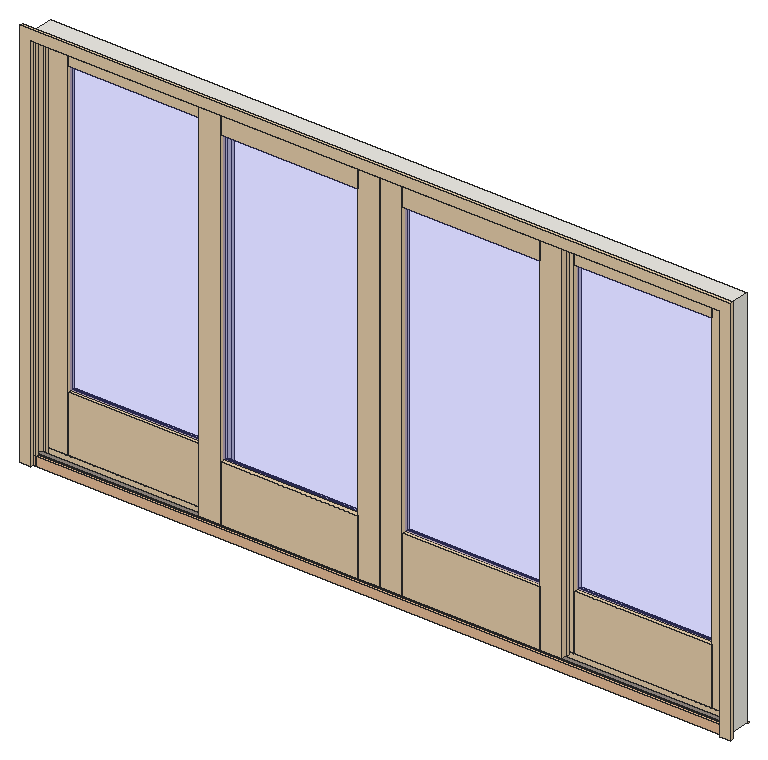
Revit family "Door-Gliding-Andersen-E_Series-Quad", category Doors, host Wall, Revit 2019
Family settings
  Host = Wall
  OmniClass Number = 23.30.10.00
  OmniClass Title = Doors
  Always vertical = Yes
  Cut with Voids When Loaded = No
  Shared = No
  Room Calculation Point = No
Parameters (values of type "12'-4" x 6'-10"")
  Type Comments = "Aluminum-clad wood Gliding French Door"  # constant formula
  Rough Width = Width + (Rough Opening Offset * 2)  # 12' - 4 1/2"
  Rough Opening Offset = 0' - 0 1/4"
  Rough Height = if(1 > 0, Height + 0' 0 1/2", 0' 0")  # 6' - 10 1/2"
  Masonry Width = if(Enter Exterior Trim Number > 0, Width + ((casing4 + Masonry Opening Offset) * 2), Width + (Masonry Opening Offset * 2))  # 12' - 4 1/2"
  Masonry Opening Offset = 0' - 0 1/4"
  Masonry Height = if(Enter Exterior Trim Number > 0, Height + (casing4 + 0' 0 1/2"), Height + 0' 0 1/2")  # 6' - 10 1/2"
  Learn About These Parameters = "http://www.andersenwindows.com/for-professionals/cad-symbols-bim-support-window-doors/bim-support"
  LWide = if(or(Enter Pattern Number = 1, Enter Pattern Number = 2), . . Lights Wide, if(Enter Pattern Number = 6, . . .Lights Wide, 3))  # 1
  Grille Bar Sizes = "5/8'', 7/8'', 1 1/8'', 1 1/2'', 2 1/4''"  # constant formula
  Glazing Material = Glass ‐ Andersen - Low-E4 SmartSun
  Between Glass Grille Bar Sizes = "5/8'', 1''"  # constant formula
  Interior Trim Visibility = yes
  Grille Bar Size = 0' - 0 7/8"
  Enter Pattern Number = 1
  Analytic Construction = "<None>"
  ..Pattern Number 1 = "Traditional"  # constant formula
  ..Pattern Number 2 = "Traditional Top Light Only"  # constant formula
  . . Lights Wide = 1
  . . Top Light Lights High = 1
  . . Bottom Light Lights High = 1
  ..Pattern Number 3 = "Prairie Each Light"  # constant formula
  ..Pattern Number 4 = "Prairie Top Light Only"  # constant formula
  ..Pattern Number 5 = "Prairie Overall"  # constant formula
  ..Pattern Number 6 = "Craftsman"  # constant formula
  . . .Lights Wide = 3
  Extension Jamb Visibility = yes
  . . .Lights High = 1
  . . .Bottom Bar Location = 1' - 0"
  . . .Bottom Bar Size = 0' - 0 7/8"
  Enter Exterior Trim Number = 0
  ..Exterior Trim Number 0 = "No Exterior Trim"  # constant formula
  ..Exterior Trim Number 1 = "2'' Brick Mould (A753)"  # constant formula
  ..Exterior Trim Number 2 = "2'' Ovolo Brick Mould (A754)"  # constant formula
  ..Exterior Trim Number 3 = "3 1/2'' Brick Mould (A755)"  # constant formula
  ..Exterior Trim Number 4 = "3 1/2'' Backband & Bead Casing (A756)"  # constant formula
  ..Exterior Trim Number 5 = "3 1/2'' Flat Casing (A75B)"  # constant formula
  ..Exterior Trim Number 6 = "5 1/2'' Flat Casing (A758)"  # constant formula
  Interior Grille Bar Visibility = yes
  Exterior Grille Bar Visibility = yes
  Between Glass Grille Bar Visibility = yes
  xjamb Visibility [instance] = and(Extension Jamb Visibility, Wall Depth > 0' 4 9/16")  # no
  xjamb S1 [instance] = if(Wall Depth < 0' 4 5/8", 0' 0 1/16", 0' 0")  # 0' - 0 1/16"
  casingS2 = if(Enter Exterior Trim Number = 3, 0' 0 7/8", 0' 0 3/8")  # 0' - 0 3/8"
  casingS1 = if(Enter Exterior Trim Number = 1, 0' 0 5/8", if(or(Enter Exterior Trim Number = 2, Enter Exterior Trim Number = 3), 0' 1 1/2", 0' 0 3/8"))  # 0' - 0 3/8"
  casing4 = if(or(Enter Exterior Trim Number = 1, Enter Exterior Trim Number = 2), 0' 1 5/8", if(Enter Exterior Trim Number = 6, 0' 5 1/8", 0' 3 1/8"))  # 0' - 3 1/8"
  casing3 = if(Enter Exterior Trim Number = 1, 0' 0 3/8", if(Enter Exterior Trim Number = 2, 0' 0 5/16", 0' 0 9/16"))  # 0' - 0 9/16"
  casing2 = if(Enter Exterior Trim Number = 1, 0' 0 7/8", if(Enter Exterior Trim Number = 2, 0' 1 9/16", 0' 1 7/16"))  # 0' - 1 7/16"
  casing1 = 0' - 0 1/4"  # constant formula
  Wall Thickness [instance] = 0' - 8"
  Wall Depth [instance] = 0' - 4 9/16"
  Void Offset 1 [instance] = if(Enter Exterior Trim Number > 0, casing4, 0' 0")  # 0' - 0"
  Void Depth [instance] = if(Wall Thickness > Wall Depth, 0' 1" + Wall Thickness - Wall Depth, 0' 1")  # 0' - 4 7/16"
  VGB DLO = if(or(Enter Pattern Number = 3, or(Enter Pattern Number = 4, Enter Pattern Number = 5)), 0' 4", (H DLO - (Grille Bar Size * (V Bars))) / if(LWide > 2, LWide, 3))  # 3' - 8 3/4"
  V Bars = if(LWide > 2, LWide - 1, 2)  # 2
  URL = "www.eaglewindow.com"
  TS V DLO = Height - HGO - SGO  # 5' - 10"
  TS V Bar Length = if(Enter Pattern Number = 6, . . .Bottom Bar Location - HGO - (. . .Bottom Bar Size / 2), TS V DLO)  # 5' - 10"
  TS SH DLO = if(Enter Pattern Number = 5, HGO + 0' 4" + (Grille Bar Size / 2), if(Enter Pattern Number = 6, . . .Bottom Bar Location, (TS V DLO / 2) + HGO))  # 3' - 5"
  TS S V = LWide = 2  # no
  TS S H Craftsman = and(Enter Pattern Number = 6, . . .Lights High = 2)  # no
  TS S H = and(. . Top Light Lights High = 2, or(or(or(Enter Pattern Number = 5, Enter Pattern Number = 6), Enter Pattern Number = 1), Enter Pattern Number = 2))  # no
  TS M V = or(or(or(or(or(and(LWide > 2, Enter Pattern Number = 1), and(LWide > 2, Enter Pattern Number = 2)), Enter Pattern Number = 3), Enter Pattern Number = 4), Enter Pattern Number = 5), and(LWide > 2, Enter Pattern Number = 6))  # no
  TS M H = or(or(or(and(. . Top Light Lights High > 2, Enter Pattern Number = 1), and(. . Top Light Lights High > 2, Enter Pattern Number = 2), Enter Pattern Number = 3), Enter Pattern Number = 4), and(. . .Lights High > 2, Enter Pattern Number = 6))  # no
  TS HGB DLO = if(or(Enter Pattern Number = 3, Enter Pattern Number = 4), 0' 4", if(and(Enter Pattern Number = 6, . . .Lights High > 2), (TS V Bar Length - (Grille Bar Size * (. . .Lights High - 1))) / . . .Lights High, if(. . Top Light Lights High > 2, (TS V Bar Length - (Grille Bar Size * (. . Top Light Lights High - 1))) / . . Top Light Lights High, 0' 4")))  # 0' - 4"
  TS H Bars = if(or(Enter Pattern Number = 3, Enter Pattern Number = 4), 2, if(and(Enter Pattern Number = 6, . . .Lights High > 2), . . .Lights High - 1, if(. . Top Light Lights High > 2, . . Top Light Lights High - 1, 2)))  # 2
  Sill Interior Offset [instance] = 0' - 0 5/128"  # constant formula
  Sill Height [instance] = 0' - 1 7/8"  # constant formula
  Panel Bottom Inset [instance] = 0' - 2 5/32"  # constant formula
  Sill Depth [instance] = 0' - 6 1/16"  # constant formula
  SGO = 0' - 6"  # constant formula
  Product Documentation Link = "www.eaglewindow.com/_Products/Ascent-Sliding-French-Doors.aspx"
  Panel Width = ((Width / 4) - 0' 1 3/4") + 0' 3 3/8"  # 3' - 2 5/8"
  Panel Type [instance] = Gliding_Panel : SP2
  Panel Height [instance] = CTRL Height - 0' 0 31/32" - Panel Bottom Inset  # 6' - 6 7/8"
  Nail Fin Visibility = Enter Exterior Trim Number = 0  # yes
  Model = "E-Series Gliding"  # constant formula
  Manufacturer = "Andersen Corporation"  # constant formula
  JGO = 0' - 6"  # constant formula
  Is Gliding = 1 = 1  # yes
  Interior Trim Size = 0' - 2 1/4"
  Interior Material = Wood - Andersen - Pine
  Horizontal Craftsman Bar Size = if(Enter Pattern Number = 6, . . .Bottom Bar Size, Grille Bar Size)  # 0' - 0 7/8"
  HGO = 0' - 6"  # constant formula
  H DLO = Width - (JGO * 2)  # 11' - 4"
  Function = 1
  Height = 6' - 10"
  Wall Closure = (empty or 0)
  Width = 12' - 4"
  Frame Interior Inset [instance] = 0' - 0"  # constant formula
  Frame Depth [instance] = 0' - 5 29/32"  # constant formula
  Family Version = "06.01.14"  # constant formula
  Exterior Trim Finish = Aluminum - Andersen - Painted - White
  Exterior Panel Finish = Aluminum - Andersen - Painted - White
  Exterior Grille Bar Finish = Aluminum - Andersen - Painted - White
  Exterior Frame Finish = Aluminum - Andersen - Painted - White
  Designation = "4PGP120610"
  Description = "Aluminum-clad wood Gliding French Door"  # constant formula
  Coarse Plan [instance] = if(Wall Depth > Wall Thickness, Wall Thickness, Wall Depth)  # 0' - 4 9/16"
  Casing Visibility [instance] = Enter Exterior Trim Number > 0  # no
  CTRL Height [instance] = Height  # 6' - 10"
  Between Glass Grille Bar Finish = Stainless Steel - Andersen - Standard
  BS V DLO = Height - HGO - SGO  # 5' - 10"
  BS SH DLO = if(Enter Pattern Number = 5, SGO + 0' 4" + (Grille Bar Size / 2), (BS V DLO / 2) + SGO)  # 3' - 5"
  BS S V = and(LWide = 2, Enter Pattern Number = 1)  # no
  BS S H = or(and(. . Bottom Light Lights High = 2, Enter Pattern Number = 1), Enter Pattern Number = 5)  # no
  BS M V = or(or(and(LWide > 2, Enter Pattern Number = 1), Enter Pattern Number = 3), Enter Pattern Number = 5)  # no
  BS M H = or(and(. . Bottom Light Lights High > 2, Enter Pattern Number = 1), Enter Pattern Number = 3)  # no
  BS HGB DLO = if(. . Bottom Light Lights High > 2, if(Enter Pattern Number = 3, 0' 4", (BS V DLO - (Grille Bar Size * (. . Bottom Light Lights High - 1))) / . . Bottom Light Lights High), 0' 2")  # 0' - 2"
  BS H Bars = if(. . Bottom Light Lights High > 2, . . Bottom Light Lights High - 1, 2)  # 2
Reference planes (in)
  plane 1 "Center (Front/Back)": y = 0
  plane 2 "Center (Left/Right)": x = 0
  plane 3 "R Frame": x = -74
  plane 4 "L Frame": x = 74
  plane 5 "T Frame": z = 82
  plane 6 "Wall S1": y = 3.71875
  plane 7 "Wall S2": y = -4.28125
  plane 8 "Interior Casing": y = -4.90625
  plane 9 "Frame S2": y = -4.28125
  plane 10 "Flange": y = 0.28125
  plane 11 "Frame S1": y = 1.625
  plane 12 "Casing S2": y = 2
  plane 13 "Casing S1": y = 2
  plane 14 "Exterior Offset": y = 4.71875
  plane 15 "Coarse Detail Plan": y = 1.5625
  plane 16 "R Rough Opening": x = -74.25
  plane 17 "R Casing 1": x = -73.75
  plane 18 "R Casing 2": x = -75.6875
  plane 19 "R Casing 3": x = -76.5625
  plane 20 "R Casing 4": x = -77.125
  plane 21 "R Masonry Opening": x = -74.25
  plane 22 "L Masonry Opening": x = 74.25
  plane 23 "L Casing 4": x = 77.125
  plane 24 "L Casing 3": x = 76.5625
  plane 25 "L Casing 2": x = 75.6875
  plane 26 "L Casing 1": x = 73.75
  plane 27 "L Rough Opening": x = 74.25
  plane 28 "T Rough Opening": z = 82.5
  plane 29 "T Casing 1": z = 81.75
  plane 30 "T Casing 2": z = 83.6875
  plane 31 "T Casing 3": z = 84.5625
  plane 32 "T Casing 4": z = 85.125
  plane 33 "T Masonry Opening": z = 82.5
  plane 34 "R Int Casing": x = -75.5
  plane 35 "R Xjamb 2": x = -73.875
  plane 36 "R Xjamb 1": x = -73.25
  plane 37 "L Int Casing": x = 75.5
  plane 38 "L Xjamb 2": x = 73.875
  plane 39 "L Xjamb 1": x = 73.25
  plane 40 "T Int Casing": z = 83.25
  plane 41 "T Xjamb 2": z = 81.875
  plane 42 "T Xjamb 1": z = 81
  plane 43 "L Panel": x = 73.1872
  plane 44 "R Panel": x = -73.1875
  plane 45 "T Panel": z = 81.0312
  plane 46 "B Panel": z = 2.1562
  plane 47 "B Glazing": z = 10.1562
  plane 48 "T Glazing": z = 76.3437
  plane 49 "L Glazing": x = 68.4997
  plane 50 "R Glazing": x = -68.5
  plane 51 "Panel1 S1": y = -1.88625
  plane 52 "Panel1 S2": y = -3.63625
  plane 53 "Xjamb S1": y = -4.21875
  plane 54 "Frame S2 Ext": y = 1.625
  plane 55 "Stop Exterior": y = -1.20413
  plane 56 "Stop Interior": y = -1.71975
  plane 57 "Sill Interior": y = -4.32031
  plane 58 "Sill Exterior": y = 1.74219
  plane 59 "L Stop": x = 72.5
  plane 60 "R Stop": x = -72.5
  plane 61 "T Stop": z = 80.5
  plane 62 "Sill Height": z = 1.875
  plane 63 "Panel2 S1": y = 0.625
  plane 64 "Panel2 S2": y = -1.1355
  plane 65 "R Panel Width": x = -34.5625
  plane 66 "L Panel Width": x = 34.5622
Forms (in)
  Extrusion 1, void
    sketch origin (0, 0, 0) x (1, 0, 0) y (0, 0, 1)
      loop
        line (74, 82) -> (-74, 82) -> (-74, 0) -> (74, 0) -> (74, 82)
    from -0.28125 to 4.28125
  Extrusion 2, void
    sketch origin (0, 0, 0) x (1, 0, 0) y (0, 0, 1)
      loop
        line (74, 82) -> (-74, 82) -> (-74, 0) -> (74, 0) -> (74, 82)
    from -15.71875 to -0.28125
  Sweep 3, solid, material "Aluminum - Andersen - Painted - White" <- "Exterior Trim Finish", visible <- "Casing Visibility", detail levels medium+fine
    path origin (0, 0.28125, 0) x (-1, 0, 0) y (0, 0, 1)
      loop
        line (-77.125, 0) -> (-77.125, 85.125) -> (77.125, 85.125) -> (77.125, 0)
    profile origin (77.125, 0.28125, 42.5625) x (1, 0, 0) y (0, 1, 0)
      loop
        line (-1.4375, 1.71875) -> (-3.375, 1.71875) -> (-3.375, 0) -> (0, 0) -> (0, 1.71875) -> (-0.5625, 1.71875) -> (-1.4375, 1.71875)
  Extrusion 4, solid, material "Aluminum - Andersen - Painted - White" <- "Exterior Trim Finish", visible <- "Casing Visibility", detail levels coarse
    sketch origin (0, 0.28125, 0) x (-1, 0, 0) y (0, 0, 1)
      loop
        line (-73.75, 81.75) -> (73.75, 81.75) -> (73.75, 0) -> (77.125, 0) -> (77.125, 85.125) -> (-77.125, 85.125) -> (-77.125, 0) -> (-73.75, 0) -> (-73.75, 81.75)
    from 0 to 1.71875
  Extrusion 5, solid, material "Wood - Andersen - Pine" <- "Interior Material", visible <- "Interior Trim Visibility", detail levels fine
    sketch origin (0, 0, 0) x (1, 0, 0) y (0, 0, 1)
      loop
        line (-73.25, 81) -> (73.25, 81) -> (73.25, 0) -> (75.5, 0) -> (75.5, 83.25) -> (-75.5, 83.25) -> (-75.5, 0) -> (-73.25, 0) -> (-73.25, 81)
    from 4.28125 to 4.90625
  Extrusion 6, solid, material "Wood - Andersen - Pine" <- "Interior Material", visible <- "xjamb Visibility", detail levels medium+fine
    sketch origin (0, 0, 0) x (1, 0, 0) y (0, 0, 1)
      loop
        line (-73.875, 0) -> (-73.25, 0) -> (-73.25, 81) -> (73.25, 81) -> (73.25, 0) -> (73.875, 0) -> (73.875, 81.875) -> (-73.875, 81.875) -> (-73.875, 0)
    from 4.21875 to 4.28125
  Sweep 7, solid, material "Aluminum - Andersen - Painted - White" <- "Exterior Frame Finish", detail levels medium+fine
    path origin (0, 0.28125, 0) x (-1, 0, 0) y (0, 0, 1)
      loop
        line (-74, 0) -> (-74, 82) -> (74, 82) -> (74, 0)
    profile origin (74, 0.28125, 41) x (1, 0, 0) y (0, 1, 0)
      loop
        line (0, -4.5625) -> (0, 1.13341) -> (-0.41612, 1.34375) -> (-1.5, 1.34375) -> (-1.5, 0.35575) -> (-0.75, 0.35575) -> (-0.75, -1.48538) -> (-1.375, -1.48538) -> (-1.375, -2.001) -> (-0.75, -2.001) -> (-0.75, -4.0625) -> (-1.313, -4.0625) -> (-1.313, -4.5625) -> (0, -4.5625)
  Sweep 8, solid, material "Aluminum - Andersen - Painted - White" <- "Exterior Frame Finish", detail levels coarse
    path origin (-0.30351, 0.28125, 0) x (-1, 0, 0) y (0, 0, 1)
      loop
        line (-74.30351, 0) -> (-74.30351, 82) -> (73.69649, 82) -> (73.69649, 0)
    profile origin (74, 0.28125, 41) x (1, 0, 0) y (0, 1, 0)
      loop
        line (-0.75, -4.5625) -> (0, -4.5625) -> (0, 1.34375) -> (-0.75, 1.34375) -> (-0.75, -4.5625)
  Sweep 9, solid, material "Fiberglass - Andersen - Terratone", detail levels medium+fine
    path origin (0, 0.28125, 0) x (-1, 0, 0) y (0, 0, 1)
      loop
        line (-74, 0) -> (74, 0)
    profile origin (0, 0.28125, 0) x (0, 0, 1) y (0, 1, 0)
      loop
        line (0, -4.60156) -> (1.875, -4.60156) -> (1.875, -3.94709) -> (2.00898, -3.94709) -> (1.91719, -2.63442) -> (0.63229, -2.63442) -> (0.54751, -1.41675) -> (0.42251, -1.41675) -> (0.29543, 0.40833) -> (0.15625, 0.40833) -> (0.09649, 1.46094) -> (0, 1.46094) -> (0, -4.60156)
  Sweep 10, solid, material "Fiberglass - Andersen - Terratone", detail levels coarse
    path origin (0, 0.28125, 0) x (-1, 0, 0) y (0, 0, 1)
      loop
        line (-73.25, 2.1562) -> (73.25, 2.1562)
    profile origin (0, 0.28125, 2.1562) x (0, 0, 1) y (0, 1, 0)
      loop
        line (0, 1.46094) -> (-2.1562, 1.46094) -> (-2.1562, -4.60156) -> (0, -4.60156) -> (0, 1.46094)
  Sweep 11, void
    path origin (0, 0.28125, 0) x (-1, 0, 0) y (0, 0, 1)
      loop
        line (0, 0) -> (0, 2.1562)
    profile origin (0, 0.28125, 1.0781) x (1, 0, 0) y (0, 1, 0)
      loop
        line (72.687, -4.0625) -> (72.687, -4.5625) -> (74, -4.5625) -> (74, 1.34375) -> (72.5, 1.34375) -> (72.5, 0.35575) -> (73.25, 0.35575) -> (73.25, -1.48538) -> (72.625, -1.48538) -> (72.625, -2.001) -> (73.25, -2.001) -> (73.25, -4.0625) -> (72.687, -4.0625)
      loop
        line (-72.687, -4.0625) -> (-73.25, -4.0625) -> (-73.25, -2.001) -> (-72.625, -2.001) -> (-72.625, -1.48538) -> (-73.25, -1.48538) -> (-73.25, 0.35575) -> (-72.5, 0.35575) -> (-72.5, 1.34375) -> (-74, 1.34375) -> (-74, -4.5625) -> (-72.687, -4.5625) -> (-72.687, -4.0625)
  Sweep 12, solid, material "Aluminum - Andersen - Painted - White" <- "Exterior Frame Finish", detail levels medium+fine
    path origin (0.97958, 0.28125, -3.29495) x (-1, 0, 0) y (0, 0, 1)
      loop
        line (35.54208, 5.45115) -> (74.16708, 5.45115)
    profile origin (-53.875, 0.28125, 2.1562) x (0, 0, 1) y (0, 1, 0)
      loop
        line (-1.73369, -1.41675) -> (0, -1.41675) -> (0, 0.34375) -> (-1.85627, 0.34375) -> (-1.73369, -1.41675)
  Sweep 13, solid, material "Aluminum - Andersen - Painted - White" <- "Exterior Frame Finish", detail levels medium+fine
    path origin (-0.98038, 0.28125, -3.29495) x (1, 0, 0) y (0, 0, 1)
      loop
        line (35.54258, 5.45115) -> (74.16758, 5.45115)
    profile origin (53.8747, 0.28125, 2.1562) x (0, 0, -1) y (0, 1, 0)
      loop
        line (1.73369, -1.41675) -> (1.85627, 0.34375) -> (0, 0.34375) -> (0, -1.41675) -> (1.73369, -1.41675)
Cuts and joins
  Sweep 11 cuts Sweep 9
Lines and regions (in)
  Masking region 1, visible <- "Casing Visibility"
    outline origin (0, 0, 0) x (0, 1, 0) y (0, 0, 1)
      loop
        line (0.28125, 82) -> (1.625, 82) -> (1.625, 0) -> (2, 0) -> (2, 85.125) -> (0.28125, 85.125) -> (0.28125, 82)
  Masking region 2
    outline origin (0, 0, 0) x (1, 0, 0) y (0, 1, 0)
      loop
        line (-74, 1.74219) -> (-74, -4.32031) -> (74, -4.32031) -> (74, 1.74219) -> (-74, 1.74219)
  Masking region 3
    outline origin (0, 0, 0) x (0, 1, 0) y (0, 0, 1)
      loop
        line (1.625, 82) -> (-4.28125, 82) -> (-4.28125, 0) -> (1.625, 0) -> (1.625, 82)
  Masking region 4, visible <- "Casing Visibility", detail levels fine
    outline origin (0, 0, 0) x (1, 0, 0) y (0, 1, 0)
      loop
        line (-76.5625, 2) -> (-77.125, 2) -> (-77.125, 0.28125) -> (-74, 0.28125) -> (-74, 1.625) -> (-73.75, 1.625) -> (-73.75, 2) -> (-75.6875, 2) -> (-76.5625, 2)
  Masking region 5, visible <- "Casing Visibility", detail levels fine
    outline origin (0, 0, 0) x (1, 0, 0) y (0, 1, 0)
      loop
        line (76.5625, 2) -> (75.6875, 2) -> (73.75, 2) -> (73.75, 1.625) -> (74, 1.625) -> (74, 0.28125) -> (77.125, 0.28125) -> (77.125, 2) -> (76.5625, 2)
  Masking region 6, visible <- "Casing Visibility", detail levels coarse+medium
    outline origin (0, 0, 0) x (1, 0, 0) y (0, 1, 0)
      loop
        line (-77.125, 2) -> (-77.125, 0.28125) -> (-74, 0.28125) -> (-74, 2) -> (-77.125, 2)
  Masking region 7, visible <- "Casing Visibility", detail levels coarse+medium
    outline origin (0, 0, 0) x (1, 0, 0) y (0, 1, 0)
      loop
        line (74, 2) -> (74, 0.28125) -> (77.125, 0.28125) -> (77.125, 2) -> (74, 2)
  Masking region 8, visible <- "Casing Visibility"
    outline origin (0, 1.74219, 0) x (-1, 0, 0) y (0, 0, 1)
      loop
        line (-77.125, 85.125) -> (-77.125, 0) -> (-74, 0) -> (-74, 82) -> (74, 82) -> (74, 0) -> (77.125, 0) -> (77.125, 85.125) -> (-77.125, 85.125)
  Masking region 9, visible <- "Interior Trim Visibility", detail levels fine
    outline origin (0, -4.90625, 0) x (-1, 0, 0) y (0, 0, 1)
      loop
        line (-75.5, 83.25) -> (-75.5, 0) -> (-73.25, 0) -> (-73.25, 81) -> (73.25, 81) -> (73.25, 0) -> (75.5, 0) -> (75.5, 83.25) -> (-75.5, 83.25)
  Masking region 10
    outline origin (0, -4.32031, 0) x (-1, 0, 0) y (0, 0, 1)
      loop
        line (-74, 82) -> (-74, 0) -> (74, 0) -> (74, 82) -> (-74, 82)
      loop
        line (-72.5, 80.5) -> (-72.5, 2.1562) -> (72.5, 2.1562) -> (72.5, 80.5) -> (-72.5, 80.5)
  Split face 1
    outline origin (-34.5625, 0.28125, 2.1562) x (0, 0, -1) y (0, 1, 0)
      loop
        line (0, -0.03125) -> (1.83234, -0.03125)
  Masking region 11
    outline origin (0, 1.74219, 0) x (-1, 0, 0) y (0, 0, 1)
      loop
        line (74, 82) -> (-74, 82) -> (-74, 0) -> (74, 0) -> (74, 82)
      loop
        line (72.5, 80.5) -> (-72.5, 80.5) -> (-72.5, 2.1562) -> (72.5, 2.1562) -> (72.5, 80.5)
  Split face 2
    outline origin (34.5622, 0.28125, 2.1562) x (0, 0, 1) y (0, 1, 0)
      loop
        line (0, -0.03125) -> (-1.83234, -0.03125)
  Split face 3
    outline origin (73.25, 1.74219, 2.1562) x (-1, 0, 0) y (0, -1, 0)
      loop
        line (0, 5.37844) -> (146.5, 5.37844)
  Split face 4
    outline origin (73.25, 0.28125, 2.1562) x (0, 0, -1) y (0, 1, 0)
      loop
        line (0, -3.9175) -> (2.1562, -3.9175)
  Split face 5
    outline origin (-73.25, 0.28125, 2.1562) x (0, 1, 0) y (0, 0, -1)
      loop
        line (-3.9175, 0) -> (-3.9175, 2.1562)
  Split face 6
    outline origin (73.25, -4.32031, 0) x (0, 1, 0) y (-1, 0, 0)
      loop
        line (0.68406, 146.5) -> (0.68406, 0)
  Split face 7
    outline origin (73.25, -4.28125, 0) x (0, 0, 1) y (0, 1, 0)
      loop
        line (0, 3.14575) -> (81.25, 3.14575)
  Split face 8
    outline origin (-73.25, -4.28125, 81.25) x (0, 0, -1) y (0, 1, 0)
      loop
        line (81.25, 3.14575) -> (0, 3.14575)
  Split face 9
    outline origin (73.25, -4.28125, 81.25) x (0, 1, 0) y (-1, 0, 0)
      loop
        line (3.14575, 0) -> (3.14575, 38.6878) -> (0.645, 38.6878) -> (0.645, 107.8125) -> (3.14575, 107.8125) -> (3.14575, 146.5)
  Split face 10
    outline origin (-74, 1.625, 82) x (0, 0, -1) y (0, -1, 0)
      loop
        line (82, 2.7605) -> (0, 2.7605)
  Split face 11
    outline origin (74, 1.625, 82) x (-1, 0, 0) y (0, -1, 0)
      loop
        line (148, 2.7605) -> (0, 2.7605)
  Split face 12
    outline origin (74, 1.625, 0) x (0, 0, 1) y (0, -1, 0)
      loop
        line (82, 2.7605) -> (0, 2.7605)
  Split face 13
    outline origin (-74, 1.41466, 82) x (0, 0, -1) y (0, -1, 0)
      loop
        line (82, 2.55016) -> (0, 2.55016)
  Split face 14
    outline origin (74, 1.41466, 82) x (-1, 0, 0) y (0, -1, 0)
      loop
        line (148, 2.55016) -> (0, 2.55016)
  Split face 15
    outline origin (74, 1.41466, 0) x (0, 0, 1) y (0, -1, 0)
      loop
        line (82, 2.55016) -> (0, 2.55016)
  Masking region 12, visible <- "xjamb Visibility", detail levels medium+fine
    outline origin (0, 0, 0) x (1, 0, 0) y (0, 1, 0)
      loop
        line (-73.875, -4.21875) -> (-73.875, -4.28125) -> (-73.25, -4.28125) -> (-73.25, -4.21875) -> (-73.875, -4.21875)
  Masking region 13, visible <- "Interior Trim Visibility", detail levels fine
    outline origin (0, 0, 0) x (1, 0, 0) y (0, 1, 0)
      loop
        line (-75.5, -4.28125) -> (-75.5, -4.90625) -> (-73.25, -4.90625) -> (-73.25, -4.28125) -> (-75.5, -4.28125)
  Masking region 14, visible <- "xjamb Visibility", detail levels medium+fine
    outline origin (0, 0, 0) x (1, 0, 0) y (0, 1, 0)
      loop
        line (73.25, -4.21875) -> (73.25, -4.28125) -> (73.875, -4.28125) -> (73.875, -4.21875) -> (73.25, -4.21875)
  Masking region 15, visible <- "Interior Trim Visibility", detail levels fine
    outline origin (0, 0, 0) x (1, 0, 0) y (0, 1, 0)
      loop
        line (73.25, -4.28125) -> (73.25, -4.90625) -> (75.5, -4.90625) -> (75.5, -4.28125) -> (73.25, -4.28125)
  Masking region 16, visible <- "xjamb Visibility", detail levels medium+fine
    outline origin (0, 0, 0) x (0, 1, 0) y (0, 0, 1)
      loop
        line (-4.21875, 81.875) -> (-4.28125, 81.875) -> (-4.28125, 0) -> (-4.21875, 0) -> (-4.21875, 81.875)
  Masking region 17, visible <- "Interior Trim Visibility", detail levels fine
    outline origin (0, 0, 0) x (0, 1, 0) y (0, 0, 1)
      loop
        line (-4.28125, 83.25) -> (-4.90625, 83.25) -> (-4.90625, 0) -> (-4.28125, 0) -> (-4.28125, 83.25)
  symbolic lines, style "DoorsFrameMullionProjection", visible <- "Casing Visibility", detail levels medium+fine
    curve 1: line (0, 2, 84.5625) -> (0, 2, 83.6875)
    curve 2: line (0, 2, 83.6875) -> (0, 2, 81.75)
    curve 3: line (0, 2, 81.75) -> (0, 1.625, 81.75)
    curve 5: line (75.625, 0.28125, 2.1562) -> (78.75, 0.28125, 2.1562)
    curve 6: line (-75.625, 0.28125, 2.1562) -> (-78.75, 0.28125, 2.1562)
    curve 117: line (0, 0.28125, 86.75) -> (0, 0.28125, 85.125)
  symbolic lines, style "DoorsFrameMullionProjection", detail levels coarse
    curve 4: line (0, 1.625, 82) -> (0, 2, 82)
    curve 7: line (73.25, 1.625, 2.1562) -> (73.25, -4.28125, 2.1562)
    curve 8: line (0, 1.74219, 0) -> (0, 1.74219, 2.1562)
    curve 9: line (0, 1.74219, 2.1562) -> (0, -4.32031, 2.1562)
    curve 10: line (0, -4.32031, 2.1562) -> (0, -4.32031, 0)
    curve 11: line (0, -4.21875, 81) -> (0, 1.625, 81)
    curve 33: line (-74, 1.625, 2.1562) -> (-73.25, 1.625, 2.1562)
    curve 96: line (-73.25, 1.625, 2.1562) -> (-73.25, -4.28125, 2.1562)
    curve 121: line (73.25, 1.625, 2.1562) -> (74, 1.625, 2.1562)
  symbolic lines, style "DoorsFrameMullionProjection", detail levels medium+fine
    curve 12: line (-73.625, -4.28125, 2.1562) -> (-74, -4.28125, 2.1562)
    curve 15: line (-72.5, 1.625, 0.8125) -> (-72.5, 0.637, 0.8125)
    curve 16: line (-72.5, 0.637, 0.8125) -> (-73.25, 0.637, 0.8125)
    curve 17: line (-73.25, 0.637, 0.8125) -> (-73.25, -1.20413, 0.8125)
    curve 18: line (-73.25, -1.20413, 0.8125) -> (-72.625, -1.20413, 0.8125)
    curve 19: line (-72.625, -1.20413, 0.8125) -> (-72.625, -1.71975, 0.8125)
    curve 20: line (-72.687, -4.28125, 0.8125) -> (-74, -4.28125, 0.8125)
    curve 21: line (-74, -4.28125, 0.8125) -> (-74, 1.41466, 0.8125)
    curve 22: line (-73.58388, 1.625, 0.8125) -> (-72.5, 1.625, 0.8125)
    curve 23: line (0, -1.20413, 80.625) -> (0, -1.71975, 80.625)
    curve 24: line (0, -1.20413, 81.25) -> (0, -1.20413, 80.625)
    curve 25: line (0, -1.20413, 81.25) -> (0, 1.01512, 81.25)
    curve 26: line (0, 1.01512, 81.25) -> (0, 1.01512, 80.5)
    curve 27: line (0, 1.01512, 80.5) -> (0, 1.625, 80.5)
    curve 28: line (0, 1.625, 80.5) -> (0, 1.625, 81.58388)
    curve 29: line (0, -4.28125, 80.687) -> (0, -4.28125, 82)
    curve 30: line (0, -4.28125, 82) -> (0, 1.41466, 82)
    curve 42: line (-73.25, -1.71975, 0.8125) -> (-72.625, -1.71975, 0.8125)
    curve 43: line (-73.25, -1.71975, 0.8125) -> (-73.25, -3.78125, 0.8125)
    curve 44: line (-73.25, -3.78125, 0.8125) -> (-72.687, -3.78125, 0.8125)
    curve 45: line (-72.687, -3.78125, 0.8125) -> (-72.687, -4.28125, 0.8125)
    curve 46: line (-74, 1.41466, 0.8125) -> (-73.58388, 1.625, 0.8125)
    curve 52: line (72.5, 1.625, 0.8125) -> (72.5, 0.637, 0.8125)
    curve 53: line (72.5, 0.637, 0.8125) -> (73.25, 0.637, 0.8125)
    curve 54: line (73.25, 0.637, 0.8125) -> (73.25, -1.20413, 0.8125)
    curve 55: line (73.25, -1.20413, 0.8125) -> (72.625, -1.20413, 0.8125)
    curve 56: line (72.625, -1.20413, 0.8125) -> (72.625, -1.71975, 0.8125)
    curve 57: line (72.687, -4.28125, 0.8125) -> (74, -4.28125, 0.8125)
    curve 58: line (74, -4.28125, 0.8125) -> (74, 1.41466, 0.8125)
    curve 59: line (73.58388, 1.625, 0.8125) -> (72.5, 1.625, 0.8125)
    curve 60: line (73.25, -1.71975, 0.8125) -> (72.625, -1.71975, 0.8125)
    curve 61: line (73.25, -1.71975, 0.8125) -> (73.25, -3.78125, 0.8125)
    curve 62: line (73.25, -3.78125, 0.8125) -> (72.687, -3.78125, 0.8125)
    curve 63: line (72.687, -3.78125, 0.8125) -> (72.687, -4.28125, 0.8125)
    curve 64: line (74, 1.41466, 0.8125) -> (73.58388, 1.625, 0.8125)
    curve 65: line (0, 0.68958, 0.15625) -> (0, 1.74219, 0.09649)
    curve 66: line (0, 1.74219, 0.09649) -> (0, 1.74219, 0)
    curve 67: line (0, -4.32031, 0) -> (0, -4.32031, 1.875)
    curve 68: line (0, -4.32031, 1.875) -> (0, -3.66584, 1.875)
    curve 69: line (0, -3.66584, 2.00898) -> (0, -2.35317, 1.91719)
    curve 70: line (0, -2.35317, 1.91719) -> (0, -2.35317, 0.63229)
    curve 71: line (0, -1.1355, 0.42251) -> (0, 0.68958, 0.29543)
    curve 72: line (0, -2.35317, 0.63229) -> (0, -1.1355, 0.54751)
    curve 73: line (0, 0.68958, 0.29543) -> (0, 0.68958, 0.15625)
    curve 74: line (0, -3.66584, 1.875) -> (0, -3.66584, 2.00898)
    curve 83: line (0, -1.71975, 81.25) -> (0, -1.71975, 80.625)
    curve 84: line (0, -1.71975, 81.25) -> (0, -3.78125, 81.25)
    curve 85: line (0, -3.78125, 81.25) -> (0, -3.78125, 80.687)
    curve 86: line (0, -3.78125, 80.687) -> (0, -4.28125, 80.687)
    curve 87: line (0, 1.41466, 82) -> (0, 1.625, 81.58388)
    curve 93: line (0, 0.625, 2.1562) -> (0, 0.625, 0.29993)
    curve 94: line (0, -1.1355, 2.1562) -> (0, -1.1355, 0.42251)
    curve 95: line (0, -1.1355, 2.1562) -> (0, 0.625, 2.1562)
    curve 118: line (73.25, -4.32031, 2.1562) -> (-73.25, -4.32031, 2.1562)
    curve 119: line (-34.5625, 1.74219, 0.29543) -> (-34.5625, 1.74219, 2.1562)
    curve 120: line (34.5622, 1.74219, 0.29543) -> (34.5622, 1.74219, 2.1562)
    curve 122: line (-35.8125, -1.1355, 0) -> (-35.8125, -1.88625, 0)
    curve 123: line (-34.8125, -1.1355, 0) -> (-34.8125, -1.88625, 0)
    curve 124: line (34.8122, -1.1355, 0) -> (34.8122, -1.88625, 0)
    curve 125: line (35.8122, -1.1355, 0) -> (35.8122, -1.88625, 0)
  symbolic lines, style "DoorsFrameMullionProjection", not visible, detail levels fine
    curve 13: line (0, 1.74219, 0) -> (0, -4.32031, 0)
  symbolic lines, style "DoorsFrameMullionProjection", detail levels fine
    curve 14: line (0, 1.74219, 0) -> (0, -4.32031, 0)
  symbolic lines, style "DoorsFrameMullionProjection"
    curve 31: line (72.5, 1.74219, 2.1562) -> (72.5, 1.74219, 0)
    curve 32: line (-72.5, 1.74219, 2.1562) -> (-72.5, 1.74219, 0)
    curve 129: line (-74, 1.625, 0) -> (-74, -4.28125, 0)
    curve 131: line (74, 1.625, 0) -> (74, -4.28125, 0)
    curve 132: line (0, 2, 85.125) -> (0, 0.28125, 85.125)
    curve 133: line (0, 1.625, 82) -> (0, -4.28125, 82)
  symbolic lines, style "DoorsFrameMullionProjection", not visible, detail levels medium+fine
    curve 34: line (-16.75, 3.77622, 0.8125) -> (-16.75, 2.78822, 0.8125)
    curve 35: line (-16.75, 2.78822, 0.8125) -> (-17.5, 2.78822, 0.8125)
    curve 36: line (-17.5, 2.78822, 0.8125) -> (-17.5, 0.94709, 0.8125)
    curve 37: line (-17.5, 0.94709, 0.8125) -> (-16.875, 0.94709, 0.8125)
    curve 38: line (-16.875, 0.94709, 0.8125) -> (-16.875, 0.43147, 0.8125)
    curve 39: line (-16.937, -2.13003, 0.8125) -> (-18.25, -2.13003, 0.8125)
    curve 40: line (-18.25, -2.13003, 0.8125) -> (-18.25, 3.56588, 0.8125)
    curve 41: line (-17.83388, 3.77622, 0.8125) -> (-16.75, 3.77622, 0.8125)
    curve 47: line (-17.5, 0.43147, 0.8125) -> (-16.875, 0.43147, 0.8125)
    curve 48: line (-17.5, 0.43147, 0.8125) -> (-17.5, -1.63003, 0.8125)
    curve 49: line (-17.5, -1.63003, 0.8125) -> (-16.937, -1.63003, 0.8125)
    curve 50: line (-16.937, -1.63003, 0.8125) -> (-16.937, -2.13003, 0.8125)
    curve 51: line (-18.25, 3.56588, 0.8125) -> (-17.83388, 3.77622, 0.8125)
    curve 75: line (0, -0.20413, 78.625) -> (0, -0.71975, 78.625)
    curve 76: line (0, -0.20413, 79.25) -> (0, -0.20413, 78.625)
    curve 77: line (0, -0.20413, 79.25) -> (0, 2.01512, 79.25)
    curve 78: line (0, 2.01512, 79.25) -> (0, 2.01512, 78.5)
    curve 79: line (0, 2.01512, 78.5) -> (0, 2.625, 78.5)
    curve 80: line (0, 2.625, 78.5) -> (0, 2.625, 79.58388)
    curve 81: line (0, -3.28125, 78.687) -> (0, -3.28125, 80)
    curve 82: line (0, -3.28125, 80) -> (0, 2.41466, 80)
    curve 88: line (0, -0.71975, 79.25) -> (0, -0.71975, 78.625)
    curve 89: line (0, -0.71975, 79.25) -> (0, -2.78125, 79.25)
    curve 90: line (0, -2.78125, 79.25) -> (0, -2.78125, 78.687)
    curve 91: line (0, -2.78125, 78.687) -> (0, -3.28125, 78.687)
    curve 92: line (0, 2.41466, 80) -> (0, 2.625, 79.58388)
    curve 101: line (0, 1.68958, 0.15625) -> (0, 2.74219, 0.09649)
    curve 102: line (0, 2.74219, 0.09649) -> (0, 2.74219, 0)
    curve 103: line (0, -3.32031, 0) -> (0, -3.32031, 1.875)
    curve 104: line (0, -3.32031, 1.875) -> (0, -2.66584, 1.875)
    curve 105: line (0, -2.66584, 2.00898) -> (0, -1.35317, 1.91719)
    curve 106: line (0, -1.35317, 1.91719) -> (0, -1.35317, 0.63229)
    curve 107: line (0, -0.1355, 0.42251) -> (0, 1.68958, 0.29543)
    curve 108: line (0, -1.35317, 0.63229) -> (0, -0.1355, 0.54751)
    curve 109: line (0, 1.68958, 0.29543) -> (0, 1.68958, 0.15625)
    curve 110: line (0, -2.66584, 1.875) -> (0, -2.66584, 2.00898)
    curve 111: line (0, 1.625, 2.1562) -> (0, 1.625, 0.29993)
    curve 112: line (0, -0.1355, 2.1562) -> (0, -0.1355, 0.42251)
    curve 113: line (0, -0.1355, 2.1562) -> (0, 1.625, 2.1562)
  symbolic lines, style "DoorsFrameMullionProjection", not visible, detail levels coarse
    curve 97: line (-17.5, 3.77622, 2.1562) -> (-17.5, -2.13003, 2.1562)
    curve 98: line (0, 2.74219, 0) -> (0, 2.74219, 2.1562)
    curve 99: line (0, 2.74219, 2.1562) -> (0, -3.32031, 2.1562)
    curve 100: line (0, -3.32031, 2.1562) -> (0, -3.32031, 0)
  symbolic lines, style "DoorsFrameMullionProjection", visible <- "Nail Fin Visibility", detail levels medium+fine
    curve 114: line (74, 0.28125, 2.1562) -> (75.625, 0.28125, 2.1562)
    curve 115: line (-74, 0.28125, 2.1562) -> (-75.625, 0.28125, 2.1562)
    curve 116: line (0, 0.28125, 83.5) -> (0, 0.28125, 82)
  symbolic lines, style "DoorsFrameMullionProjection", visible <- "xjamb Visibility", detail levels medium+fine
    curve 126: line (0, -4.21875, 81) -> (0, -4.28125, 81)
  symbolic lines, style "DoorsFrameMullionProjection", visible <- "Interior Trim Visibility", detail levels fine
    curve 127: line (0, -4.28125, 81) -> (0, -4.90625, 81)
  symbolic lines, style "DoorsFrameMullionProjection", visible <- "Casing Visibility"
    curve 128: line (-77.125, 2, 0) -> (-77.125, 0.28125, 0)
    curve 130: line (77.125, 2, 0) -> (77.125, 0.28125, 0)
Text (in)
  text "Exterior" at (-74.96733, 27.31104, 0), in view "Ref. Level"
  text "Interior" at (-74.96733, -25.14366, 0), in view "Ref. Level"
  text "Exterior" at (0, 40.15149, 123.01588), in view "Right"
  text "Interior" at (0, -64.39139, 123.01588), in view "Right"
  text "Interior" at (0, -31.01599, 123.00693), in view "Left"
  text "Exterior" at (0, 54.57065, 123.00693), in view "Left"
Dimensions and locks (in)
  equal spacing: plane 3 "R Frame", plane 2 "Center (Left/Right)", plane 4 "L Frame"
  "CTRL Height": level to plane 5 "T Frame"
  "Width": plane 3 "R Frame" to plane 4 "L Frame"
  host wall to plane 5 "T Frame" = 6' - 10"
  locked: plane 11 "Frame S1" to plane 10 "Flange" at 1.34375
  "casingS2": plane 12 "Casing S2" to plane 11 "Frame S1"
  locked: plane 8 "Interior Casing" to host wall at 0.625
  locked: plane 14 "Exterior Offset" to host wall at 1
  "Void Offset 1": plane 4 "L Frame" to Extrusion 2 sketch curve
  "Void Offset 1": plane 5 "T Frame" to Extrusion 2 sketch curve
  "Void Offset 1": Extrusion 2 sketch curve to plane 3 "R Frame"
  "casing1": plane 26 "L Casing 1" to plane 4 "L Frame"
  "Rough Opening Offset": plane 4 "L Frame" to plane 27 "L Rough Opening"
  "casing4": plane 4 "L Frame" to plane 23 "L Casing 4"
  "casing2": plane 25 "L Casing 2" to plane 23 "L Casing 4"
  "casing3": plane 24 "L Casing 3" to plane 23 "L Casing 4"
  "casing1": plane 3 "R Frame" to plane 17 "R Casing 1"
  "Rough Opening Offset": plane 16 "R Rough Opening" to plane 3 "R Frame"
  "casing4": plane 20 "R Casing 4" to plane 3 "R Frame"
  "casing2": plane 20 "R Casing 4" to plane 18 "R Casing 2"
  "casing3": plane 20 "R Casing 4" to plane 19 "R Casing 3"
  "casing1": plane 29 "T Casing 1" to plane 5 "T Frame"
  "casing4": plane 5 "T Frame" to plane 32 "T Casing 4"
  "casing2": plane 30 "T Casing 2" to plane 32 "T Casing 4"
  "casing3": plane 31 "T Casing 3" to plane 32 "T Casing 4"
  locked: plane 3 "R Frame" to plane 35 "R Xjamb 2" at 0.125
  locked: plane 3 "R Frame" to plane 36 "R Xjamb 1" at 0.75
  "Interior Trim Size": plane 34 "R Int Casing" to plane 36 "R Xjamb 1"
  locked: plane 38 "L Xjamb 2" to plane 4 "L Frame" at 0.125
  locked: plane 39 "L Xjamb 1" to plane 4 "L Frame" at 0.75
  "Interior Trim Size": plane 39 "L Xjamb 1" to plane 37 "L Int Casing"
  locked: plane 41 "T Xjamb 2" to plane 5 "T Frame" at 0.125
  plane 42 "T Xjamb 1" to plane 5 "T Frame" = 0' - 1"
  locked: plane 42 "T Xjamb 1" to plane 40 "T Int Casing" at 2.25
  locked: plane 45 "T Panel" to plane 5 "T Frame" at 0.9688
  locked: plane 48 "T Glazing" to plane 45 "T Panel" at 4.6875
  locked: plane 46 "B Panel" to plane 47 "B Glazing" at 8
  locked: plane 3 "R Frame" to plane 44 "R Panel" at 0.8125
  locked: plane 44 "R Panel" to plane 50 "R Glazing" at 4.6875
  locked: plane 43 "L Panel" to plane 4 "L Frame" at 0.8128
  locked: plane 49 "L Glazing" to plane 43 "L Panel" at 4.6875
  locked: plane 51 "Panel1 S1" to plane 52 "Panel1 S2" at 1.75
  "xjamb S1": plane 53 "Xjamb S1" to plane 9 "Frame S2"
  locked: Extrusion 2 to host wall at 12
  "Void Depth": plane 14 "Exterior Offset" to Extrusion 2
  "Wall Thickness": host wall to host wall
  "Wall Depth": host wall to plane 10 "Flange"
  "casingS1": plane 13 "Casing S1" to plane 11 "Frame S1"
  "Frame Depth": plane 54 "Frame S2 Ext" to plane 9 "Frame S2"
  locked: plane 54 "Frame S2 Ext" to plane 55 "Stop Exterior" at 2.82913
  locked: plane 23 "L Casing 4" to curve 5 at 1.625
  locked: curve 6 to plane 20 "R Casing 4" at 1.625
  "Panel Height": plane 46 "B Panel" to plane 45 "T Panel"
  "Sill Interior Offset": plane 9 "Frame S2" to plane 57 "Sill Interior"
  locked: plane 36 "R Xjamb 1" to plane 60 "R Stop" at 0.75
  locked: plane 54 "Frame S2 Ext" to plane 11 "Frame S1" at 0
  "Sill Depth": plane 58 "Sill Exterior" to plane 57 "Sill Interior"
  locked: plane 61 "T Stop" to plane 42 "T Xjamb 1" at 0.5
  "Sill Height": level to plane 62 "Sill Height"
  locked: plane 52 "Panel1 S2" to plane 9 "Frame S2" at 0.645
  locked: plane 63 "Panel2 S1" to plane 64 "Panel2 S2" at 1.7605
  locked: plane 54 "Frame S2 Ext" to plane 63 "Panel2 S1" at 1
  locked: plane 59 "L Stop" to plane 39 "L Xjamb 1" at 0.75
  locked: plane 55 "Stop Exterior" to plane 56 "Stop Interior" at 0.51562
  "Panel Width": plane 44 "R Panel" to plane 65 "R Panel Width"
  locked: plane 4 "L Frame" to curve 114 at 1.625
  locked: curve 115 to plane 3 "R Frame" at 1.625
  locked: plane 5 "T Frame" to curve 116 at 1.5
  curve 117 to curve 117 = 0' - 1 5/8"
  locked: plane 63 "Panel2 S1" to Split face 1 sketch curve at 0.375
  "Panel Width": plane 66 "L Panel Width" to plane 43 "L Panel"
  locked: curve 122 to curve 123 at 1
  locked: plane 66 "L Panel Width" to curve 124 at 0.25
  locked: curve 124 to curve 125 at 1
  locked: curve 123 to plane 65 "R Panel Width" at 0.25
  equal spacing: plane 21 "R Masonry Opening", plane 2 "Center (Left/Right)", plane 22 "L Masonry Opening"
  "Masonry Width": plane 21 "R Masonry Opening" to plane 22 "L Masonry Opening"
  "Rough Height": level to plane 28 "T Rough Opening"
  "Masonry Height": level to plane 33 "T Masonry Opening"
  aligned and locked: plane 6 "Wall S1" to host wall
  aligned and locked: plane 7 "Wall S2" to host wall
  aligned and locked: plane 5 "T Frame" to Extrusion 1 sketch curve
  aligned and locked: plane 4 "L Frame" to Extrusion 1 sketch curve
  aligned and locked: Extrusion 1 sketch curve to plane 3 "R Frame"
  aligned and locked: level to Extrusion 1 sketch curve
  aligned and locked: host wall to Extrusion 1
  aligned and locked: plane 10 "Flange" to Extrusion 1
  aligned and locked: level to Extrusion 2 sketch curve
  aligned and locked: level to Sweep 3 sketch curve  (x2)
  aligned and locked: plane 23 "L Casing 4" to Sweep 3 sketch curve  (x2)
  aligned and locked: Sweep 3 sketch curve to plane 32 "T Casing 4"
  aligned and locked: Sweep 3 sketch curve to plane 20 "R Casing 4"
  aligned and locked: plane 24 "L Casing 3" to Sweep 3 sketch curve
  aligned and locked: plane 12 "Casing S2" to Sweep 3 sketch curve
  aligned and locked: plane 25 "L Casing 2" to Sweep 3 sketch curve
  aligned and locked: Sweep 3 sketch curve to plane 13 "Casing S1"
  aligned and locked: plane 10 "Flange" to Sweep 3 sketch curve
  aligned and locked: Sweep 3 sketch curve to plane 26 "L Casing 1"
  aligned and locked: Sweep 3 sketch curve to plane 12 "Casing S2"
  aligned and locked: level to Extrusion 4 sketch curve  (x2)
  aligned and locked: plane 23 "L Casing 4" to Extrusion 4 sketch curve
  aligned and locked: Extrusion 4 sketch curve to plane 26 "L Casing 1"
  aligned and locked: Extrusion 4 sketch curve to plane 32 "T Casing 4"
  aligned and locked: Extrusion 4 sketch curve to plane 29 "T Casing 1"
  aligned and locked: Extrusion 4 sketch curve to plane 20 "R Casing 4"
  aligned and locked: plane 17 "R Casing 1" to Extrusion 4 sketch curve
  aligned and locked: Extrusion 4 to plane 10 "Flange"
  aligned and locked: plane 12 "Casing S2" to Sweep 3
  aligned and locked: plane 29 "T Casing 1" to curve 3
  aligned and locked: plane 5 "T Frame" to Masking region 1 sketch curve
  aligned and locked: Masking region 1 sketch curve to plane 10 "Flange"
  aligned and locked: Masking region 1 sketch curve to plane 32 "T Casing 4"
  aligned and locked: plane 13 "Casing S1" to Masking region 1 sketch curve
  aligned and locked: Masking region 1 sketch curve to level
  aligned and locked: Masking region 1 sketch curve to plane 11 "Frame S1"
  aligned and locked: plane 11 "Frame S1" to curve 4
  aligned and locked: Masking region 2 sketch curve to plane 3 "R Frame"
  aligned and locked: plane 4 "L Frame" to Masking region 2 sketch curve
  aligned and locked: plane 5 "T Frame" to Masking region 3 sketch curve
  aligned and locked: plane 9 "Frame S2" to Masking region 3 sketch curve
  aligned and locked: Masking region 3 sketch curve to plane 11 "Frame S1"
  aligned and locked: level to Masking region 3 sketch curve
  aligned and locked: plane 13 "Casing S1" to Masking region 4 sketch curve
  aligned and locked: plane 19 "R Casing 3" to Masking region 4 sketch curve
  aligned and locked: Masking region 4 sketch curve to plane 20 "R Casing 4"
  aligned and locked: plane 17 "R Casing 1" to Masking region 4 sketch curve
  aligned and locked: plane 11 "Frame S1" to Masking region 4 sketch curve
  aligned and locked: plane 3 "R Frame" to Masking region 4 sketch curve
  aligned and locked: Masking region 4 sketch curve to plane 12 "Casing S2"
  aligned and locked: plane 18 "R Casing 2" to Masking region 4 sketch curve
  aligned and locked: Masking region 4 sketch curve to plane 13 "Casing S1"
  aligned and locked: plane 25 "L Casing 2" to Masking region 5 sketch curve
  aligned and locked: plane 13 "Casing S1" to Masking region 5 sketch curve  (x2)
  aligned and locked: Masking region 5 sketch curve to plane 23 "L Casing 4"
  aligned and locked: plane 4 "L Frame" to Masking region 5 sketch curve
  aligned and locked: Masking region 5 sketch curve to plane 11 "Frame S1"
  aligned and locked: plane 26 "L Casing 1" to Masking region 5 sketch curve
  aligned and locked: plane 12 "Casing S2" to Masking region 5 sketch curve
  aligned and locked: plane 24 "L Casing 3" to Masking region 5 sketch curve
  aligned and locked: Masking region 6 sketch curve to plane 13 "Casing S1"
  aligned and locked: Masking region 6 sketch curve to plane 20 "R Casing 4"
  aligned and locked: plane 10 "Flange" to Masking region 6 sketch curve
  aligned and locked: plane 3 "R Frame" to Masking region 6 sketch curve
  aligned and locked: Masking region 7 sketch curve to plane 13 "Casing S1"
  aligned and locked: Masking region 7 sketch curve to plane 4 "L Frame"
  aligned and locked: plane 10 "Flange" to Masking region 7 sketch curve
  aligned and locked: plane 23 "L Casing 4" to Masking region 7 sketch curve
  aligned and locked: level to Extrusion 5 sketch curve  (x2)
  aligned and locked: Extrusion 5 sketch curve to plane 34 "R Int Casing"
  aligned and locked: plane 36 "R Xjamb 1" to Extrusion 5 sketch curve
  aligned and locked: Extrusion 5 sketch curve to plane 40 "T Int Casing"
  aligned and locked: Extrusion 5 sketch curve to plane 42 "T Xjamb 1"
  aligned and locked: plane 37 "L Int Casing" to Extrusion 5 sketch curve
  aligned and locked: Extrusion 5 sketch curve to plane 39 "L Xjamb 1"
  aligned and locked: Extrusion 5 to host wall
  aligned and locked: Extrusion 5 to plane 8 "Interior Casing"
  aligned and locked: level to Extrusion 6 sketch curve  (x2)
  aligned and locked: plane 36 "R Xjamb 1" to Extrusion 6 sketch curve
  aligned and locked: Extrusion 6 sketch curve to plane 35 "R Xjamb 2"
  aligned and locked: Extrusion 6 sketch curve to plane 42 "T Xjamb 1"
  aligned and locked: plane 41 "T Xjamb 2" to Extrusion 6 sketch curve
  aligned and locked: Extrusion 6 sketch curve to plane 39 "L Xjamb 1"
  aligned and locked: plane 38 "L Xjamb 2" to Extrusion 6 sketch curve
  aligned and locked: plane 53 "Xjamb S1" to Extrusion 6
  aligned and locked: host wall to Extrusion 6
  aligned and locked: plane 10 "Flange" to Masking region 4 sketch curve
  aligned and locked: Masking region 5 sketch curve to plane 10 "Flange"
  aligned and locked: level to Sweep 7 sketch curve  (x2)
  aligned and locked: plane 4 "L Frame" to Sweep 7 sketch curve
  aligned and locked: Sweep 7 sketch curve to plane 3 "R Frame"
  aligned and locked: plane 5 "T Frame" to Sweep 7 sketch curve
  aligned and locked: plane 5 "T Frame" to Sweep 8 sketch curve
  aligned and locked: plane 4 "L Frame" to Sweep 8 sketch curve  (x2)
  aligned and locked: Sweep 8 sketch curve to plane 3 "R Frame"
  aligned and locked: Sweep 8 sketch curve to plane 54 "Frame S2 Ext"
  aligned and locked: plane 9 "Frame S2" to Sweep 8 sketch curve
  aligned and locked: plane 10 "Flange" to curve 6
  aligned and locked: curve 5 to plane 10 "Flange"
  aligned and locked: plane 4 "L Frame" to Sweep 9 sketch curve
  aligned and locked: plane 3 "R Frame" to Sweep 9 sketch curve
  aligned and locked: Sweep 9 sketch curve to level
  aligned and locked: plane 46 "B Panel" to Sweep 10 sketch curve  (x2)
  aligned and locked: plane 57 "Sill Interior" to Sweep 10 sketch curve
  aligned and locked: Sweep 10 sketch curve to plane 58 "Sill Exterior"
  aligned and locked: level to Sweep 10 sketch curve
  aligned and locked: Masking region 2 sketch curve to plane 58 "Sill Exterior"
  aligned and locked: plane 57 "Sill Interior" to Masking region 2 sketch curve
  aligned and locked: plane 9 "Frame S2" to curve 12
  aligned and locked: Masking region 8 sketch curve to plane 20 "R Casing 4"
  aligned and locked: plane 23 "L Casing 4" to Masking region 8 sketch curve
  aligned and locked: level to Masking region 8 sketch curve  (x2)
  aligned and locked: level to Masking region 9 sketch curve  (x2)
  aligned and locked: plane 37 "L Int Casing" to Masking region 9 sketch curve
  aligned and locked: Masking region 9 sketch curve to plane 34 "R Int Casing"
  aligned and locked: plane 40 "T Int Casing" to Masking region 9 sketch curve
  aligned and locked: Masking region 8 sketch curve to plane 32 "T Casing 4"
  aligned and locked: Masking region 10 sketch curve to plane 60 "R Stop"
  aligned and locked: plane 59 "L Stop" to Masking region 10 sketch curve
  aligned and locked: level to Masking region 10 sketch curve
  aligned and locked: plane 61 "T Stop" to Masking region 10 sketch curve
  aligned and locked: curve 32 to plane 60 "R Stop"
  aligned and locked: nested 1 to plane 46 "B Panel"
  aligned and locked: Masking region 10 sketch curve to plane 3 "R Frame"
  aligned and locked: plane 5 "T Frame" to Masking region 10 sketch curve
  aligned and locked: plane 4 "L Frame" to Masking region 10 sketch curve
  aligned and locked: curve 33 to plane 54 "Frame S2 Ext"
  aligned and locked: level to Sweep 11 sketch curve
  aligned and locked: Sweep 11 sketch curve to plane 2 "Center (Left/Right)"
  aligned and locked: plane 9 "Frame S2" to Sweep 7 sketch curve
  aligned and locked: plane 54 "Frame S2 Ext" to Sweep 7 sketch curve
  aligned and locked: Sweep 7 sketch curve to plane 4 "L Frame"
  aligned and locked: Sweep 7 sketch curve to plane 39 "L Xjamb 1"
  aligned and locked: plane 39 "L Xjamb 1" to Sweep 7 sketch curve
  aligned and locked: Sweep 7 sketch curve to plane 59 "L Stop"
  aligned and locked: Sweep 11 sketch curve to plane 4 "L Frame"
  aligned and locked: plane 39 "L Xjamb 1" to Sweep 11 sketch curve  (x2)
  aligned and locked: plane 59 "L Stop" to Sweep 11 sketch curve
  aligned and locked: plane 54 "Frame S2 Ext" to Sweep 11 sketch curve
  aligned and locked: Sweep 7 to Sweep 11 sketch curve  (x3)
  aligned and locked: Sweep 11 sketch curve to Sweep 7  (x10)
  aligned and locked: Sweep 11 sketch curve to plane 3 "R Frame"
  aligned and locked: plane 60 "R Stop" to Sweep 11 sketch curve
  aligned and locked: plane 9 "Frame S2" to Sweep 11 sketch curve
  aligned and locked: Sweep 11 sketch curve to plane 54 "Frame S2 Ext"
  aligned and locked: plane 36 "R Xjamb 1" to Sweep 11 sketch curve  (x2)
  aligned and locked: Sweep 7 sketch curve to plane 56 "Stop Interior"
  aligned and locked: plane 55 "Stop Exterior" to Sweep 7 sketch curve
  aligned and locked: curve 21 to plane 3 "R Frame"
  aligned and locked: curve 22 to plane 54 "Frame S2 Ext"
  aligned and locked: plane 54 "Frame S2 Ext" to curve 59
  aligned and locked: curve 58 to plane 4 "L Frame"
  aligned and locked: nested 2 to plane 46 "B Panel"
  aligned and locked: Sweep 9 sketch curve to plane 57 "Sill Interior"
  aligned and locked: level to Sweep 9 sketch curve
  aligned and locked: Sweep 9 sketch curve to plane 58 "Sill Exterior"
  aligned and locked: Sweep 9 sketch curve to plane 62 "Sill Height"
  aligned and locked: curve 67 to plane 57 "Sill Interior"
  aligned and locked: level to curve 67
  aligned and locked: curve 30 to plane 5 "T Frame"
  aligned and locked: curve 29 to plane 9 "Frame S2"
  aligned and locked: plane 46 "B Panel" to Sweep 11 sketch curve
  aligned and locked: plane 64 "Panel2 S2" to Sweep 9 sketch curve
  aligned and locked: curve 20 to curve 96
  aligned and locked: curve 22 to curve 96
  aligned and locked: curve 39 to curve 97
  aligned and locked: curve 41 to curve 97
  aligned and locked: curve 57 to curve 7
  aligned and locked: curve 59 to curve 7
  aligned and locked: plane 46 "B Panel" to Sweep 12 sketch curve
  aligned and locked: plane 44 "R Panel" to Sweep 12 sketch curve
  aligned and locked: plane 65 "R Panel Width" to Sweep 12 sketch curve
  aligned and locked: Sweep 12 sketch curve to plane 46 "B Panel"
  aligned and locked: Sweep 12 sketch curve to plane 63 "Panel2 S1"
  aligned and locked: plane 64 "Panel2 S2" to Sweep 12 sketch curve
  aligned and locked: plane 12 "Casing S2" to curve 2
  aligned and locked: plane 4 "L Frame" to curve 114
  aligned and locked: Sweep 3 to plane 10 "Flange"
  aligned and locked: plane 5 "T Frame" to curve 116
  aligned and locked: plane 10 "Flange" to curve 117
  aligned and locked: plane 46 "B Panel" to Masking region 10 sketch curve
  aligned and locked: plane 46 "B Panel" to curve 32
  aligned and locked: curve 31 to Masking region 10
  aligned and locked: Masking region 9 sketch curve to plane 39 "L Xjamb 1"
  aligned and locked: plane 36 "R Xjamb 1" to Masking region 9 sketch curve
  aligned and locked: Masking region 9 sketch curve to plane 42 "T Xjamb 1"
  aligned and locked: plane 4 "L Frame" to Masking region 11 sketch curve
  aligned and locked: Masking region 11 sketch curve to plane 5 "T Frame"
  aligned and locked: Masking region 11 sketch curve to plane 3 "R Frame"
  aligned and locked: level to Masking region 11 sketch curve
  aligned and locked: Masking region 11 sketch curve to plane 46 "B Panel"
  aligned and locked: plane 59 "L Stop" to Masking region 11 sketch curve
  aligned and locked: Masking region 11 sketch curve to plane 60 "R Stop"
  aligned and locked: plane 61 "T Stop" to Masking region 11 sketch curve
  aligned and locked: curve 118 to plane 46 "B Panel"
  aligned and locked: plane 39 "L Xjamb 1" to curve 118
  aligned and locked: plane 36 "R Xjamb 1" to curve 118
  aligned and locked: curve 119 to Sweep 12
  aligned and locked: nested 1 to plane 43 "L Panel"
  aligned and locked: nested 3 to plane 44 "R Panel"
  aligned and locked: nested 3 to plane 63 "Panel2 S1"
  aligned and locked: plane 63 "Panel2 S1" to nested 1
  aligned and locked: plane 66 "L Panel Width" to Sweep 13 sketch curve
  aligned and locked: plane 46 "B Panel" to Sweep 13 sketch curve
  aligned and locked: plane 43 "L Panel" to Sweep 13 sketch curve
  aligned and locked: plane 66 "L Panel Width" to Sweep 13
  aligned and locked: curve 120 to plane 66 "L Panel Width"
  aligned and locked: cut or joined group of Sweep 9, Sweep 11 to curve 120
  aligned and locked: plane 46 "B Panel" to curve 120
  aligned and locked: nested 2 to plane 51 "Panel1 S1"
  aligned and locked: plane 51 "Panel1 S1" to nested 4
  aligned and locked: nested 2 to plane 2 "Center (Left/Right)"
  aligned and locked: nested 4 to plane 2 "Center (Left/Right)"
  aligned and locked: plane 39 "L Xjamb 1" to Sweep 10 sketch curve
  aligned and locked: plane 36 "R Xjamb 1" to Sweep 10 sketch curve
  aligned and locked: plane 52 "Panel1 S2" to Split face 3 sketch curve
  aligned and locked: Split face 4 sketch curve to Split face 3
  aligned and locked: Split face 5 sketch curve to Split face 3
  aligned and locked: Split face 6 sketch curve to Split face 3
  aligned and locked: Split face 7 sketch curve to plane 64 "Panel2 S2"
  aligned and locked: Split face 8 sketch curve to plane 64 "Panel2 S2"
  aligned and locked: plane 52 "Panel1 S2" to Split face 9 sketch curve
  aligned and locked: Split face 9 sketch curve to plane 66 "L Panel Width"
  aligned and locked: Split face 9 sketch curve to plane 65 "R Panel Width"
  aligned and locked: plane 64 "Panel2 S2" to Split face 9 sketch curve  (x2)
  aligned and locked: Split face 10 sketch curve to plane 64 "Panel2 S2"
  aligned and locked: Split face 11 sketch curve to Split face 10
  aligned and locked: Split face 12 sketch curve to Split face 11
  aligned and locked: Split face 13 sketch curve to Split face 11
  aligned and locked: Split face 14 sketch curve to Split face 13
  aligned and locked: Split face 15 sketch curve to Split face 14
  aligned and locked: plane 39 "L Xjamb 1" to curve 121
  aligned and locked: plane 4 "L Frame" to curve 121
  aligned and locked: plane 64 "Panel2 S2" to curve 122
  aligned and locked: plane 64 "Panel2 S2" to curve 123
  aligned and locked: plane 51 "Panel1 S1" to curve 123
  aligned and locked: plane 51 "Panel1 S1" to curve 122
  aligned and locked: plane 64 "Panel2 S2" to curve 124
  aligned and locked: plane 64 "Panel2 S2" to curve 125
  aligned and locked: plane 51 "Panel1 S1" to curve 124
  aligned and locked: plane 51 "Panel1 S1" to curve 125
  aligned and locked: Masking region 12 sketch curve to plane 53 "Xjamb S1"
  aligned and locked: plane 36 "R Xjamb 1" to Masking region 12 sketch curve
  aligned and locked: Masking region 12 sketch curve to plane 35 "R Xjamb 2"
  aligned and locked: Masking region 12 sketch curve to host wall
  aligned and locked: Masking region 13 sketch curve to plane 34 "R Int Casing"
  aligned and locked: plane 8 "Interior Casing" to Masking region 13 sketch curve
  aligned and locked: plane 36 "R Xjamb 1" to Masking region 13 sketch curve
  aligned and locked: host wall to Masking region 13 sketch curve
  aligned and locked: Masking region 14 sketch curve to plane 39 "L Xjamb 1"
  aligned and locked: plane 38 "L Xjamb 2" to Masking region 14 sketch curve
  aligned and locked: Masking region 14 sketch curve to plane 53 "Xjamb S1"
  aligned and locked: Masking region 14 sketch curve to host wall
  aligned and locked: plane 37 "L Int Casing" to Masking region 15 sketch curve
  aligned and locked: plane 8 "Interior Casing" to Masking region 15 sketch curve
  aligned and locked: Masking region 15 sketch curve to plane 39 "L Xjamb 1"
  aligned and locked: host wall to Masking region 15 sketch curve
  aligned and locked: Masking region 16 sketch curve to plane 53 "Xjamb S1"
  aligned and locked: plane 41 "T Xjamb 2" to Masking region 16 sketch curve
  aligned and locked: Masking region 16 sketch curve to host wall
  aligned and locked: level to Masking region 16 sketch curve
  aligned and locked: level to Masking region 17 sketch curve
  aligned and locked: plane 8 "Interior Casing" to Masking region 17 sketch curve
  aligned and locked: Masking region 17 sketch curve to host wall
  aligned and locked: plane 40 "T Int Casing" to Masking region 17 sketch curve
  aligned and locked: plane 53 "Xjamb S1" to curve 126
  aligned and locked: plane 8 "Interior Casing" to curve 127
  aligned and locked: host wall to curve 127
  aligned and locked: plane 42 "T Xjamb 1" to curve 126
  aligned and locked: plane 42 "T Xjamb 1" to curve 127
  aligned and locked: plane 13 "Casing S1" to curve 1
